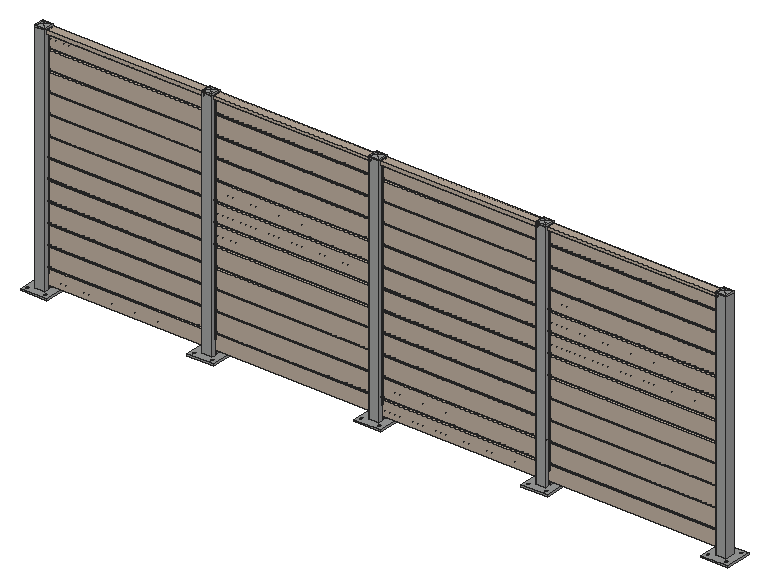
Revit family "Palmshield-Mercury-Solid-Aluminum-Array", category Specialty Equipment, Revit 2023 (continued)
Definition of nested family "Nested-Square_Post-Palmshield-Mercury_Economic-Solid-Vinyl"
  Forms (in)
    Extrusion 4, solid, material <- "Material", visible <- "End Post"
      sketch origin (0, 0, 0) x (1, 0, 0) y (0, 1, 0)
        loop
          line (1.4375, 1.4375) -> (-1.4375, 1.4375) -> (-1.4375, 0.5625) -> (-0.9375, 0.5625) -> (-0.9375, -0.5625) -> (-1.4375, -0.5625) -> (-1.4375, -1.4375) -> (1.4375, -1.4375) -> (1.4375, 1.4375)
      from 0 to 52.86713
    Extrusion 5, void
      sketch origin (0, 0, 0) x (1, 0, 0) y (0, 1, 0)
        loop
          line (-1.5, 1.5) -> (-1.5, -1.5) -> (1.5, -1.5) -> (1.5, 1.5) -> (-1.5, 1.5)
        loop
          line (-2.25, 2.25) -> (-2.25, -2.25) -> (2.25, -2.25) -> (2.25, 2.25) -> (-2.25, 2.25)
      from -0.5 to 4.5
    Extrusion 6, solid, material <- "Material", visible <- "Corner Post Down"
      sketch origin (0, 0, 0) x (1, 0, 0) y (0, 1, 0)
        loop
          line (1.5, -1.5) -> (1.5, 1.5) -> (-1.5, 1.5) -> (-1.5, 0.5625) -> (-2, 0.5625) -> (-2, 0.5) -> (-1, 0.5) -> (-1, -0.5) -> (-2, -0.5) -> (-2, -0.5625) -> (-1.5, -0.5625) -> (-1.5, -1.5) -> (-0.5625, -1.5) -> (-0.5625, -2) -> (-0.5, -2) -> (-0.5, -1) -> (0.5, -1) -> (0.5, -2) -> (0.5625, -2) -> (0.5625, -1.5) -> (1.5, -1.5)
        loop
          line (-1.4375, -1.4375) -> (-0.5625, -1.4375) -> (-0.5625, -0.9375) -> (0.5625, -0.9375) -> (0.5625, -1.4375) -> (1.4375, -1.4375) -> (1.4375, 1.4375) -> (-1.4375, 1.4375) -> (-1.4375, 0.5625) -> (-0.9375, 0.5625) -> (-0.9375, -0.5625) -> (-1.4375, -0.5625) -> (-1.4375, -1.4375)
      from 0 to 52.86713
  Cuts and joins
    Extrusion 5 cuts Extrusion 3
    Extrusion 5 cuts Extrusion 2
    Extrusion 5 cuts Extrusion 4
    Extrusion 5 cuts Extrusion 6
  Lines and regions (in)
    reference lines
      curve 1: line (-3.81017, 0, -0.5) -> (3.68983, 0, -0.5)
      curve 2: line (-3.81017, 0, 4.5) -> (3.68983, 0, 4.5)
  Dimensions and locks (in)
    "Length": plane 4 to plane 2
    locked: plane 4 to plane 5 at 3
    locked: plane 2 to curve 1 at 0.5
    locked: curve 2 to curve 1 at 5
    aligned and locked: plane 2 to Extrusion 1
    aligned and locked: level to Extrusion 1
    aligned and locked: plane 4 to Extrusion 2
    aligned and locked: plane 4 to Extrusion 3
    aligned and locked: plane 4 to Extrusion 4
    aligned and locked: curve 1 to Extrusion 5
    aligned and locked: Extrusion 5 to curve 2
    aligned and locked: plane 4 to Extrusion 6
    aligned and locked: Extrusion 6 to plane 2
  Automatic sketch dimensions
    Extrusion 1 sketch curve to Extrusion 1 sketch curve = 8' - 0"  (x2)
    curve 2 to plane 6 = 0' - 2.31017"
    curve 1 to plane 6 = 0' - 2.31017"
    plane 7 to curve 2 = 0' - 2.18983"
    plane 7 to curve 1 = 0' - 2.18983"
    Extrusion 2 sketch curve to plane 6 = 0' - 0"  (x2)
    Extrusion 2 sketch curve to plane 7 = 0' - 0"  (x2)
    Extrusion 2 sketch curve to plane 9 = 0' - 0"
    Extrusion 2 sketch curve to plane 8 = 0' - 0"
    Extrusion 2 sketch curve to plane 6 = 0' - 0 1/2"  (x2)
    Extrusion 2 sketch curve to Extrusion 2 sketch curve = 0' - 0 1/16"  (x7)
    plane 6 to Extrusion 2 sketch curve = 0' - 0 1/16"
    Extrusion 2 sketch curve to Extrusion 2 sketch curve = 0' - 0 7/16"
    Extrusion 2 sketch curve to plane 7 = 0' - 0 9/16"
    Extrusion 2 sketch curve to plane 7 = 0' - 0 1/16"  (x2)
    plane 7 to Extrusion 2 sketch curve = 0' - 0 1/2"  (x2)
    plane 9 to Extrusion 2 sketch curve = 0' - 0 1/16"
    plane 1 "Center (Front/Back)" to Extrusion 2 sketch curve = 0' - 0 9/16"  (x4)
    Extrusion 2 sketch curve to plane 1 "Center (Front/Back)" = 0' - 0 1/2"  (x2)
    Extrusion 2 sketch curve to Extrusion 2 sketch curve = 0' - 0"  (x2)
    Extrusion 2 sketch curve to plane 8 = 0' - 0 1/16"
    Extrusion 3 sketch curve to plane 6 = 0' - 0"  (x2)
    Extrusion 3 sketch curve to plane 8 = 0' - 0"  (x2)
    Extrusion 3 sketch curve to plane 7 = 0' - 0"
    Extrusion 3 sketch curve to plane 9 = 0' - 0"
    Extrusion 3 sketch curve to plane 6 = 0' - 0 1/2"
    Extrusion 3 sketch curve to Extrusion 3 sketch curve = 0' - 0 1/2"
    plane 6 to Extrusion 3 sketch curve = 0' - 0 1/16"  (x2)
    Extrusion 3 sketch curve to Extrusion 3 sketch curve = 0' - 0 7/16"
    Extrusion 3 sketch curve to Extrusion 3 sketch curve = 0' - 0 1/16"  (x9)
    Extrusion 3 sketch curve to plane 3 "Center (Left/Right)" = 0' - 0 9/16"
    Extrusion 3 sketch curve to Extrusion 3 sketch curve = 0' - 0 3/8"  (x2)
    plane 3 "Center (Left/Right)" to Extrusion 3 sketch curve = 0' - 0 1/2"
    Extrusion 3 sketch curve to plane 8 = 0' - 0 1/16"
    Extrusion 3 sketch curve to plane 7 = 0' - 0 1/16"
    plane 9 to Extrusion 3 sketch curve = 0' - 0 1/16"
    plane 1 "Center (Front/Back)" to Extrusion 3 sketch curve = 0' - 0 9/16"
    Extrusion 3 sketch curve to Extrusion 3 sketch curve = 0' - 0"
    Extrusion 3 sketch curve to plane 1 "Center (Front/Back)" = 0' - 0 1/2"
    plane 8 to Extrusion 3 sketch curve = 0' - 0 1/2"  (x2)
    Extrusion 4 sketch curve to plane 6 = 0' - 0"  (x2)
    Extrusion 4 sketch curve to plane 7 = 0' - 0"
    Extrusion 4 sketch curve to plane 9 = 0' - 0"
    Extrusion 4 sketch curve to plane 8 = 0' - 0"
    Extrusion 4 sketch curve to Extrusion 4 sketch curve = 0' - 0 1/2"
    Extrusion 4 sketch curve to plane 6 = 0' - 0 1/2"
    plane 6 to Extrusion 4 sketch curve = 0' - 0 1/16"  (x2)
    Extrusion 4 sketch curve to Extrusion 4 sketch curve = 0' - 0 7/16"
    Extrusion 4 sketch curve to Extrusion 4 sketch curve = 0' - 0 1/16"  (x3)
    Extrusion 4 sketch curve to plane 7 = 0' - 0 1/16"
    plane 9 to Extrusion 4 sketch curve = 0' - 0 1/16"
    plane 1 "Center (Front/Back)" to Extrusion 4 sketch curve = 0' - 0 9/16"
    Extrusion 4 sketch curve to Extrusion 4 sketch curve = 0' - 0"  (x2)
    Extrusion 4 sketch curve to plane 1 "Center (Front/Back)" = 0' - 0 1/2"
    Extrusion 4 sketch curve to plane 8 = 0' - 0 1/16"
    Extrusion 5 sketch curve to plane 6 = 0' - 0"
    Extrusion 5 sketch curve to plane 7 = 0' - 0"
    Extrusion 5 sketch curve to plane 9 = 0' - 0"
    Extrusion 5 sketch curve to plane 8 = 0' - 0"
    Extrusion 5 sketch curve to plane 6 = 0' - 0 3/4"
    plane 7 to Extrusion 5 sketch curve = 0' - 0 3/4"
    Extrusion 5 sketch curve to plane 9 = 0' - 0 3/4"
    plane 8 to Extrusion 5 sketch curve = 0' - 0 3/4"
    Extrusion 6 sketch curve to plane 6 = 0' - 0"  (x2)
    Extrusion 6 sketch curve to plane 9 = 0' - 0"  (x2)
    Extrusion 6 sketch curve to plane 7 = 0' - 0"
    Extrusion 6 sketch curve to plane 8 = 0' - 0"
    Extrusion 6 sketch curve to plane 6 = 0' - 0 1/2"
    Extrusion 6 sketch curve to Extrusion 6 sketch curve = 0' - 0 1/2"  (x2)
    plane 6 to Extrusion 6 sketch curve = 0' - 0 1/16"  (x2)
    Extrusion 6 sketch curve to Extrusion 6 sketch curve = 0' - 0 7/16"  (x2)
    Extrusion 6 sketch curve to Extrusion 6 sketch curve = 0' - 0 1/16"  (x8)
    Extrusion 6 sketch curve to plane 3 "Center (Left/Right)" = 0' - 0 9/16"
    Extrusion 6 sketch curve to Extrusion 6 sketch curve = 0' - 0 3/8"  (x2)
    plane 3 "Center (Left/Right)" to Extrusion 6 sketch curve = 0' - 0 1/2"
    plane 9 to Extrusion 6 sketch curve = 0' - 0 1/16"  (x2)
    Extrusion 6 sketch curve to plane 7 = 0' - 0 1/16"
    Extrusion 6 sketch curve to plane 9 = 0' - 0 1/2"
    Extrusion 6 sketch curve to Extrusion 6 sketch curve = 0' - 0"
    Extrusion 6 sketch curve to plane 1 "Center (Front/Back)" = 0' - 0 1/2"
    Extrusion 6 sketch curve to plane 8 = 0' - 0 1/16"
Definition of nested family "Screening-Louver-Assembly-Panel-Palmshield-Mercury_Economic-Solid-Aluminum"
  Parameters (values of type "6063 T6 ALUM 6" TONGUE AND GROOVE INFILL")
    Width = 0' - 6"  # constant formula
    Warranty URL = "https://palmshieldlouvers.com/wp-content/uploads/2020/01/PalmSHIELD-Warranty-NO-SIGN-LINE.pdf"
    Version = "2020 - v1.0a"  # constant formula
    URL = "https://palmshieldlouvers.com/"
    Thickness = 0' - 0 15/16"  # constant formula
    Product Page URL = "Contact Manufacturer for More Information"
    Product Documentation Link = "Contact Manufacturer for More Information"
    Model = "Mercury Economic Solid"  # constant formula
    Material [instance] = none
    Manufacturer Phone Number = "531-329-4406 "  # constant formula
    Manufacturer Fax Number = "Consult Manufacturer Website for More Information"  # constant formula
    Manufacturer Email = "mailto: info@palmshieldlouvers.com"
    Manufacturer Address = "12330 Cary Circle, La Vista, NE 68128"  # constant formula
    Manufacturer = "PalmSHIELD"  # constant formula
    Length [instance] = 4' - 4.86713"
    Keynote = "05 10 00"
    Instruction Sheet Link = "Contact Manufacturer for More Information"
    ID [instance] = ""
    Field Cut [instance] = no
    Desired Cut Distance [instance] = 0' - 1 3/4"
    Description = "Mercury Economic Solid - Louvers"  # constant formula
    Default Elevation = 4' - 0"
    Copyright = "Copyright ©2024 The American Fence Company and PalmSHIELD. All Rights Reserved."  # constant formula
    Component Name [instance] = "Mercury Economic Solid - Aluminum - Louvers"  # constant formula
    C Cut Distance [instance] = if(not(Field Cut), 0' 0 3/4", if(Field Cut, (if(Desired Cut Distance < 0' 0 3/4", 0' 0 3/4", if(Desired Cut Distance > 0' 6 3/4", 0' 6 3/4", Desired Cut Distance))), 0' 0 3/4"))  # 0' - 0 3/4"
    Assembly Code = "F1020100"
Definition of nested family "Screening-Louver-Assembly-Post-Palmshield-Mercury_Economic-Solid"
  Parameters (values of type "3" x 3" x 3/4"")
    Width = 0' - 3"  # constant formula
    Warranty URL = "https://palmshieldlouvers.com/wp-content/uploads/2020/01/PalmSHIELD-Warranty-NO-SIGN-LINE.pdf"
    Version = "2020 - v1.0a"  # constant formula
    URL = "https://palmshieldlouvers.com/"
    Thickness = 0' - 0 3/4"  # constant formula
    Product Page URL = "Contact Manufacturer for More Information"
    Product Documentation Link = "Contact Manufacturer for More Information"
    Model = "Mercury Economic Solid"  # constant formula
    Material [instance] = none
    Manufacturer Phone Number = "531-329-4406 "  # constant formula
    Manufacturer Fax Number = "Consult Manufacturer Website for More Information"  # constant formula
    Manufacturer Email = "mailto: info@palmshieldlouvers.com"
    Manufacturer Address = "12330 Cary Circle, La Vista, NE 68128"  # constant formula
    Manufacturer = "PalmSHIELD"  # constant formula
    Keynote = "05 10 00"
    ID [instance] = ""
    Description = "Mercury Economic Solid - Aluminum - Top Cap"  # constant formula
    Default Elevation = 4' - 0"
    Copyright = "©2023 The American Fence Company and PalmSHIELD. All Rights Reserved."  # constant formula
    Component Name [instance] = "Mercury Economic Solid - Aluminum - Top Cap"  # constant formula
    Assembly Code = "F1020100"
